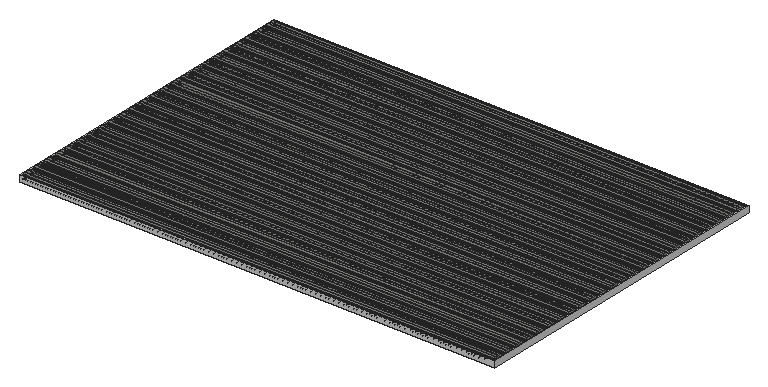
Revit family "Flooring_Entrance_Fuma_TopCleanTrend-Mit-Rips_DE", category Allgemeines Modell, Revit 2018
Family settings
  Kann Basisbauteil für Bewehrung sein = Nein
  Bemaßung runder Anschluss = Durchmesser verwenden
  Teiletyp = Normal
  Arbeitsebenenbasiert = Nein
  Immer vertikal = Ja
  Beim Laden mit Abzugskörper schneiden = Nein
  Gemeinsam genutzt = Nein
  Raumberechnungspunkt = Nein
Parameters (values of type "Teppichlänge 10 mm")
  Technische Daten = "https://www.fuma.com/produkte/eingangsmatten/aluprofilmatten/top-clean-trend"
  Rips = Polypropylen - Fuma - Rips
  Produktinformation = "Rips hat eine hohe Strapazierfähigkeit sowie Haltbarkeit und eignet sich für Eingänge mit einer normalen als auch starken Lauffrequentierung. Eingesetzt in Innen- und überdachten Eingangsbereichen stoppen Ripsprofile äußerst zuverlässig Schmutz und saugen Nässe auf. Farbvarianten in Grob- und Feinrips stehen zur Wahl. Schalldämmend, maßhaltig, aufrollbar und leicht zu reinigen. Anfertigung in jeder Breite und Tiefe. Sonderformen gegen Aufpreis."
  Product Avaibility = "weltweit"  # constant formula
  Modell-Nr = "12225"
  Maximale Belastung = "3.000 kg"
  Hersteller Land = "Deutschland"  # constant formula
  Minimale Teppichlänge = 300 mm  # constant formula
  Maximale Teppichlänge = 10000 mm  # constant formula
  Länge des Teppichs = 1200 mm
  Minimale Teppichbreite = 300 mm  # constant formula
  Maximale Teppichbreite = 10000 mm  # constant formula
  Edition number = 2
  Breite des Teppichs = 800 mm
  Grosse Denier = yes
  Rahmen Material = "Aluminium oder Edelstahl"
  Feine Leugner = no
  Beginn des Pinsels = Angepasste Wiederholung / 2  # 33.267 mm
  Farbe = "Ripsfarben: - 010 anthrazit - 020 hellgrau  - 030 beige-meliert - 040 blau-meliert - Sonderfarben auf Anfrage"
  Bürstenprofil = Polyamid - Fuma - Bürstenprofil
  Abstandseinstellung = (Breite des aktuellen Teppichs - (Anzahl der aktuellen Profile * Versuchswiederholung)) / Anzahl der aktuellen Profile * 0.8  # 0.533 mm
  Versuchswiederholung = 2 * (Profilbreite + Abstand zwischen den Profilen 4 6 oder 8mm)  # 66 mm
  URL = "https://www.fuma.com/"
  Telefon = " +49 7248 450 73 0\r\n"  # constant formula
  Type Comments = ""
  Tiefen Teppich = 2.8 mm
  Angepasste Wiederholung = Versuchswiederholung + Abstandseinstellung  # 66.533 mm
  Anzahl der aktuellen Profile = rounddown(Breite des aktuellen Teppichs / Versuchswiederholung)  # 12
  Modell = "TopCleanTrend® mit Rips"
  Hersteller = "fuma Hauszubehör GmbH"  # constant formula
  Aktuelle Länge = Aktuelle Teppichlänge - (Dicke des Rahmenprofils + 2 mm) * 2  # 1190 mm
  Aktuelle Teppichlänge = if(Länge des Teppichs < Minimale Teppichlänge, Minimale Teppichlänge, if(Länge des Teppichs > Maximale Teppichlänge, Maximale Teppichlänge, Länge des Teppichs))  # 1200 mm
  Profil = Aluminum - Fuma - Grun
  Breite des Rahmenprofils = (Profilbreite + Abstand zwischen den Profilen 4 6 oder 8mm) / 2  # 16.5 mm
  Profilbreite = 27 mm
  Aktuelle Breite = Anzahl der aktuellen Profile * Angepasste Wiederholung + 2 mm  # 800.4 mm
  Breite des aktuellen Teppichs = if(Breite des Teppichs < Minimale Teppichbreite, Minimale Teppichbreite, if(Breite des Teppichs > Maximale Teppichbreite, Maximale Teppichbreite, Breite des Teppichs))  # 800 mm
  Rahmenhöhe = 15 mm
  Dicke des Teppichs = 10 mm
  Dicke des Rahmenprofils = 3 mm  # constant formula
  E-mail = "info@fuma.com"  # constant formula
  Abstand zwischen den Profilen 4 6 oder 8mm = 6 mm
  Entfernungsprofil = 10.2 mm
  Description = ""
  Gummiprofil = Gummiprofil - Fuma
  Anschrift = "Reutäckerstraße 9, 76307 Karlsbad, DE"  # constant formula
Types (4, lengths in mm): name | Grosse Denier | Feine Leugner | Tiefen Teppich | Rahmenhöhe | Dicke des Teppichs | Entfernungsprofil
  Teppichlänge 10 mm | yes | no | 2.8 | 15 | 10 | 10.2
  Teppichlänge 27 mm | no | yes | 5 | 30 | 27 | 23
  Teppichlänge 22 mm | yes | no | 5 | 25 | 22 | 18
  Teppichlänge 17 mm | yes | no | 3 | 20 | 17 | 13.5
Reference planes
  plane 1 "Center (Front/Back)": y = 0
  plane 2: z = 0
  plane 3 "Center (Left/Right)": x = 0
  plane 4: y = 800
  plane 5: x = 1200
Forms (mm)
  Sweep 1, solid, material "Aluminum - Fuma - Grun" <- "Profil"
    path origin (0, 0, 0) x (1, 0, 0) y (0, 1, 0)
      loop
        line (0, 800) -> (0, 0) -> (1200, 0) -> (1200, 800) -> (0, 800)
    profile origin (600, 800, 0) x (0, 1, 0) y (0, 0, 1)
      loop
        line (0, -3) -> (0, 12) -> (-3, 12) -> (-3, 0) -> (-16.5, 0) -> (-16.5, -3) -> (0, -3)
Dimensions and locks
  equal spacing: group 1, group 2, group 3, group 4, group 9, group 10, group 11, group 12, group 13, group 14, group 15, group 16  (x3)
  "Aktuelle Teppichlänge": plane 5 to plane 3 "Center (Left/Right)"
  "Breite des aktuellen Teppichs": plane 4 to plane 1 "Center (Front/Back)"
  "Dicke des Rahmenprofils": Sweep 1 sketch curve to Sweep 1 sketch curve  (x2)
  "Rahmenhöhe": Sweep 1 sketch curve to Sweep 1 sketch curve
  "Breite des Rahmenprofils": Sweep 1 sketch curve to Sweep 1 sketch curve
  locked: plane 1 "Center (Front/Back)" to nested 1 at 4
  "Angepasste Wiederholung": nested 1 to nested 2
  equal spacing: group 5, group 6, group 7, group 8, group 17, group 18, group 19, group 20, group 21, group 22, group 23, group 24  (x3)
  "Angepasste Wiederholung": nested 6 to nested 5
  "Beginn des Pinsels": nested 5 to nested 1
  aligned and locked: Sweep 1 sketch curve to plane 5
  aligned and locked: plane 3 "Center (Left/Right)" to Sweep 1 sketch curve
  aligned and locked: Sweep 1 sketch curve to plane 4
  aligned and locked: Sweep 1 sketch curve to plane 1 "Center (Front/Back)"
Automatic sketch dimensions
  Sweep 1 sketch curve to level = 0 mm
  Sweep 1 sketch curve to profile plane = 0 mm
Nested families
  nested 1: "Ribbed Carpet" at (4, 17.472, 0), type "Ribbed Carpet"
  nested 2: "Ribbed Carpet" at (4, 84.005, 0), type "Ribbed Carpet"
  nested 3: "Ribbed Carpet" at (4, 150.539, 0), type "Ribbed Carpet"
  nested 4: "Ribbed Carpet" at (4, 217.072, 0), type "Ribbed Carpet"
  nested 5: "Ribbed Carpet" at (4, 50.739, 0), type "Ribbed Carpet"
  nested 6: "Ribbed Carpet" at (4, 117.272, 0), type "Ribbed Carpet"
  nested 7: "Ribbed Carpet" at (4, 183.805, 0), type "Ribbed Carpet"
  nested 8: "Ribbed Carpet" at (4, 250.339, 0), type "Ribbed Carpet"
  nested 9: "Ribbed Carpet" at (4, 283.605, 0), type "Ribbed Carpet"
  nested 10: "Ribbed Carpet" at (4, 350.139, 0), type "Ribbed Carpet"
  nested 11: "Ribbed Carpet" at (4, 416.672, 0), type "Ribbed Carpet"
  nested 12: "Ribbed Carpet" at (4, 483.205, 0), type "Ribbed Carpet"
  nested 13: "Ribbed Carpet" at (4, 549.739, 0), type "Ribbed Carpet"
  nested 14: "Ribbed Carpet" at (4, 616.272, 0), type "Ribbed Carpet"
  nested 15: "Ribbed Carpet" at (4, 682.805, 0), type "Ribbed Carpet"
  nested 16: "Ribbed Carpet" at (4, 749.339, 0), type "Ribbed Carpet"
  nested 17: "Ribbed Carpet" at (4, 316.872, 0), type "Ribbed Carpet"
  nested 18: "Ribbed Carpet" at (4, 383.405, 0), type "Ribbed Carpet"
  nested 19: "Ribbed Carpet" at (4, 449.939, 0), type "Ribbed Carpet"
  nested 20: "Ribbed Carpet" at (4, 516.472, 0), type "Ribbed Carpet"
  nested 21: "Ribbed Carpet" at (4, 583.005, 0), type "Ribbed Carpet"
  nested 22: "Ribbed Carpet" at (4, 649.539, 0), type "Ribbed Carpet"
  nested 23: "Ribbed Carpet" at (4, 716.072, 0), type "Ribbed Carpet"
  nested 24: "Ribbed Carpet" at (4, 782.605, 0), type "Ribbed Carpet"
Definition of nested family "Ribbed Carpet"
  Parameters (values of type "Top Clean Profile")
    Trend 42 = Hauteur = 42 mm  # no
    Trend 27 = Hauteur = 27 mm  # no
    Trend 22 = Hauteur = 22 mm  # no
    Trend 17 = Hauteur = 17 mm  # no
    Trend 13 = Hauteur = 13 mm  # no
    Trend 10 = Hauteur = 10 mm  # yes
    URL = "https://www.geggus.fr/"
    Profondeur Tapis = 2.8 mm
    Model = "Top Clean TREND®"
    Manufacturer = "Geggus"
    Longueur = 1190 mm
    Profile = none
    Hauteur = 10 mm
    Gros deniers = yes
    Fins deniers = no
    Distance profil = 10.2 mm
    Caoutchouc = none
    Brosse = none
  Reference planes
    plane 1 "Center (Front/Back)": y = 0
    plane 2: z = 0
    plane 3 "Center (Left/Right)": x = 0
    plane 4: z = 10.2
    plane 5: z = 7.4
    plane 6: z = 7.4
    plane 7: z = 10.2
  Forms (mm)
    Extrusion 1, solid, material <- "Profile", visible <- "Trend 17"
      sketch origin (0, 0, 0) x (0, 1, 0) y (0, 0, 1)
        loop
          line (12.528, 9.5) -> (-12.472, 9.5) -> (-12.472, 6.7) -> (12.528, 6.7) -> (12.528, 9.5)
        loop
          line (12.028, 10.5) -> (-11.972, 10.5) -> (-11.972, 13.5) -> (-10.982, 13.5) -> (-10.982, 14.5) -> (-13.472, 14.5) -> (-13.472, 2) -> (-11.175, 2) -> (-11.175, 3) -> (-12.472, 3) -> (-12.472, 5.5) -> (-7.372, 5.5) -> (-7.372, 3) -> (-8.681, 3) -> (-8.681, 2) -> (-6.372, 2) -> (-6.372, 5.5) -> (6.428, 5.5) -> (6.428, 2) -> (8.737, 2) -> (8.737, 3) -> (7.428, 3) -> (7.428, 5.5) -> (12.528, 5.5) -> (12.528, 3) -> (11.231, 3) -> (11.231, 2) -> (13.528, 2) -> (13.528, 14.5) -> (11.038, 14.5) -> (11.038, 13.5) -> (12.028, 13.5) -> (12.028, 10.5)
      from 0 to 1190 <- "Longueur"
    Extrusion 2, solid, material <- "Caoutchouc"
      sketch origin (0, -9.881, 7.713) x (0, -1, 0) y (0, 0, -1)
        loop
          line (1.319, 5.713) -> (2.983, 5.713)
          arc (2.983, 5.713) -> (3.327, 5.932) -> (3.274, 6.337) r 0.38
          line (3.274, 6.337) -> (2.119, 7.713) -> (-1.881, 7.713) -> (-3.035, 6.337)
          arc (-3.035, 6.337) -> (-3.088, 5.932) -> (-2.744, 5.713) r 0.38
          line (-2.744, 5.713) -> (-1.081, 5.713) -> (-1.081, 4.76) -> (-1.866, 4.377)
          arc (-1.866, 4.377) -> (-2.114, 3.98) -> (-1.866, 3.583) r 0.442
          line (-1.866, 3.583) -> (-0.765, 3.046)
          arc (-0.765, 3.046) -> (0.119, 2.842) -> (1.004, 3.046) r 2.019
          line (1.004, 3.046) -> (2.105, 3.583)
          arc (2.105, 3.583) -> (2.353, 3.98) -> (2.105, 4.377) r 0.442
          line (2.105, 4.377) -> (1.319, 4.76) -> (1.319, 5.713)
        loop
          line (-21.081, 5.713) -> (-21.081, 4.76) -> (-21.866, 4.377)
          arc (-21.866, 4.377) -> (-22.114, 3.98) -> (-21.866, 3.583) r 0.442
          line (-21.866, 3.583) -> (-20.765, 3.046)
          arc (-20.765, 3.046) -> (-19.881, 2.842) -> (-18.996, 3.046) r 2.019
          line (-18.996, 3.046) -> (-17.895, 3.583)
          arc (-17.895, 3.583) -> (-17.647, 3.98) -> (-17.895, 4.377) r 0.442
          line (-17.895, 4.377) -> (-18.681, 4.76) -> (-18.681, 5.713) -> (-17.017, 5.713)
          arc (-17.017, 5.713) -> (-16.673, 5.932) -> (-16.726, 6.337) r 0.38
          line (-16.726, 6.337) -> (-17.881, 7.713) -> (-21.881, 7.713) -> (-23.035, 6.337)
          arc (-23.035, 6.337) -> (-23.088, 5.932) -> (-22.744, 5.713) r 0.38
          line (-22.744, 5.713) -> (-21.081, 5.713)
      from 0 to 1190 <- "Longueur"
    Extrusion 3, solid, material <- "Brosse", visible <- "Gros deniers"
      sketch origin (0, 0.264, 37.152) x (0, 1, 0) y (0, 0, 1)
        loop
          arc (11.75, -27.533) -> (11.58, -27.122) -> (11.169, -26.952) r 0.581
          line (11.169, -26.952) -> (9.75, -26.952) -> (9.992, -26.206)
          arc (9.992, -26.206) -> (7.6, -22.913) -> (5.208, -26.206) r 2.516
          line (5.208, -26.206) -> (5.45, -26.952) -> (1.89, -26.952) -> (2.132, -26.206)
          arc (2.132, -26.206) -> (-0.26, -22.913) -> (-2.652, -26.206) r 2.516
          line (-2.652, -26.206) -> (-2.41, -26.952) -> (-5.95, -26.952) -> (-5.708, -26.206)
          arc (-5.708, -26.206) -> (-8.1, -22.913) -> (-10.492, -26.206) r 2.516
          line (-10.492, -26.206) -> (-10.25, -26.952) -> (-11.607, -26.952)
          arc (-11.607, -26.952) -> (-12.062, -27.14) -> (-12.25, -27.595) r 0.643
          line (-12.25, -27.595) -> (-12.25, -29.149)
          arc (-12.25, -29.149) -> (-12.073, -29.576) -> (-11.647, -29.752) r 0.603
          line (-11.647, -29.752) -> (11.12, -29.752)
          arc (11.12, -29.752) -> (11.566, -29.568) -> (11.75, -29.122) r 0.63
          line (11.75, -29.122) -> (11.75, -27.533)
      from 0 to 1190 <- "Longueur"
    Extrusion 4, solid, material <- "Brosse", visible <- "Fins deniers"
      sketch origin (0, 0.014, 25.086) x (0, 1, 0) y (0, 0, 1)
        loop
          line (11.75, -14.886) -> (10.022, -14.886) -> (10.288, -13.376)
          arc (10.288, -13.376) -> (8.35, -10.881) -> (6.412, -13.376) r 2
          line (6.412, -13.376) -> (6.678, -14.886) -> (4.472, -14.886) -> (4.738, -13.376)
          arc (4.738, -13.376) -> (2.8, -10.881) -> (0.862, -13.376) r 2
          line (0.862, -13.376) -> (1.128, -14.886) -> (-1.128, -14.886) -> (-0.862, -13.376)
          arc (-0.862, -13.376) -> (-2.8, -10.881) -> (-4.738, -13.376) r 2
          line (-4.738, -13.376) -> (-4.472, -14.886) -> (-6.678, -14.886) -> (-6.412, -13.376)
          arc (-6.412, -13.376) -> (-8.35, -10.881) -> (-10.288, -13.376) r 2
          line (-10.288, -13.376) -> (-10.022, -14.886) -> (-11.75, -14.886) -> (-11.75, -17.686) -> (11.75, -17.686) -> (11.75, -14.886)
      from 0 to 1190 <- "Longueur"
    Extrusion 5, solid, material <- "Profile", visible <- "Trend 22"
      sketch origin (0, 0.25, 15.623) x (0, 1, 0) y (0, 0, 1)
        loop
          line (8.549, -13.623) -> (8.549, -12.67) -> (7.498, -12.67) -> (7.498, -9.628) -> (12.25, -9.628) -> (12.25, -12.67) -> (10.95, -12.67) -> (10.95, -13.623) -> (12.563, -13.623)
          arc (12.563, -13.623) -> (13.049, -13.422) -> (13.25, -12.937) r 0.687
          line (13.25, -12.937) -> (13.25, 3.375) -> (13, 2.442) -> (12.75, 3.375) -> (12.508, 2.472) -> (12.249, 3.374) -> (12, 2.504) -> (11.75, 3.375)
          arc (11.75, 3.375) -> (11.003, 2.872) -> (11.75, 2.37) r 0.542
          line (11.75, 2.37) -> (11.75, -2.619) -> (-12.25, -2.619) -> (-12.25, 2.37)
          arc (-12.25, 2.37) -> (-11.503, 2.872) -> (-12.25, 3.375) r 0.542
          line (-12.25, 3.375) -> (-12.5, 2.504) -> (-12.749, 3.374) -> (-13.008, 2.472) -> (-13.25, 3.375) -> (-13.5, 2.442) -> (-13.75, 3.375) -> (-13.75, -12.937)
          arc (-13.75, -12.937) -> (-13.549, -13.422) -> (-13.063, -13.623) r 0.687
          line (-13.063, -13.623) -> (-11.45, -13.623) -> (-11.45, -12.67) -> (-12.75, -12.67) -> (-12.75, -9.628) -> (-7.998, -9.628) -> (-7.998, -12.67) -> (-9.049, -12.67) -> (-9.049, -13.623) -> (-6.75, -13.623) -> (-6.75, -9.628) -> (6.25, -9.628) -> (6.25, -13.623) -> (8.549, -13.623)
        loop
          arc (11.684, -8.63) -> (12.084, -8.464) -> (12.25, -8.063) r 0.566
          line (12.25, -8.063) -> (12.25, -4.232)
          arc (12.25, -4.232) -> (12.074, -3.807) -> (11.65, -3.632) r 0.6
          line (11.65, -3.632) -> (-12.19, -3.632)
          arc (-12.19, -3.632) -> (-12.586, -3.796) -> (-12.75, -4.191) r 0.56
          line (-12.75, -4.191) -> (-12.75, -8.023)
          arc (-12.75, -8.023) -> (-12.572, -8.452) -> (-12.144, -8.63) r 0.606
          line (-12.144, -8.63) -> (11.684, -8.63)
      from 0 to 1190 <- "Longueur"
    Extrusion 6, solid, material <- "Profile", visible <- "Trend 27"
      sketch origin (0, -0.028, 0) x (0, 1, 0) y (0, 0, 1)
        loop
          line (11.028, 16.864) -> (-10.972, 16.864)
          arc (-10.972, 16.864) -> (-11.679, 16.571) -> (-11.972, 15.864) r 1
          line (-11.972, 15.864) -> (-11.972, 8.201)
          arc (-11.972, 8.201) -> (-11.679, 7.494) -> (-10.972, 7.201) r 1
          line (-10.972, 7.201) -> (11.028, 7.201)
          arc (11.028, 7.201) -> (11.735, 7.494) -> (12.028, 8.201) r 1
          line (12.028, 8.201) -> (12.028, 15.864)
          arc (12.028, 15.864) -> (11.735, 16.571) -> (11.028, 16.864) r 1
        loop
          line (12.028, 18.021) -> (-11.972, 18.021) -> (-11.972, 23.003) -> (-10.982, 23.003) -> (-10.982, 24.003) -> (-13.472, 24.003) -> (-13.472, 2) -> (-11.175, 2) -> (-11.175, 3) -> (-12.472, 3) -> (-12.472, 5.966) -> (-7.372, 5.966) -> (-7.372, 3) -> (-8.681, 3) -> (-8.681, 2) -> (-6.372, 2) -> (-6.372, 5.966) -> (6.428, 5.966) -> (6.428, 2) -> (8.737, 2) -> (8.737, 3) -> (7.428, 3) -> (7.428, 5.966) -> (12.528, 5.966) -> (12.528, 3) -> (11.231, 3) -> (11.231, 2) -> (13.528, 2) -> (13.528, 24.003) -> (11.038, 24.003) -> (11.038, 23.003) -> (12.028, 23.003) -> (12.028, 18.021)
      from 0 to 1190 <- "Longueur"
    Extrusion 7, solid, material <- "Profile", visible <- "Trend 10"
      sketch origin (0, 0, 8.025) x (0, 1, 0) y (0, 0, 1)
        loop
          line (8.804, -6.025) -> (8.804, -5.072) -> (7.498, -5.072) -> (7.498, -2.031) -> (12.498, -2.031) -> (12.498, -5.072) -> (11.204, -5.072) -> (11.204, -6.025) -> (12.626, -6.025)
          arc (12.626, -6.025) -> (13.263, -5.761) -> (13.527, -5.124) r 0.902
          line (13.527, -5.124) -> (13.527, 2.339)
          arc (13.527, 2.339) -> (13.624, 2.92) -> (13.25, 3.375) r 0.711
          line (13.25, 3.375) -> (13, 2.442) -> (12.75, 3.375) -> (12.508, 2.472) -> (12.249, 3.374) -> (12, 2.504) -> (11.75, 3.375)
          arc (11.75, 3.375) -> (11.003, 2.872) -> (11.75, 2.37) r 0.542
          line (11.75, 2.37) -> (11.75, -0.638) -> (-11.75, -0.638) -> (-11.75, 2.37)
          arc (-11.75, 2.37) -> (-11.003, 2.872) -> (-11.75, 3.375) r 0.542
          line (-11.75, 3.375) -> (-12, 2.504) -> (-12.249, 3.374) -> (-12.508, 2.472) -> (-12.75, 3.375) -> (-13, 2.442) -> (-13.25, 3.375)
          arc (-13.25, 3.375) -> (-13.624, 2.92) -> (-13.527, 2.339) r 0.711
          line (-13.527, 2.339) -> (-13.527, -5.124)
          arc (-13.527, -5.124) -> (-13.263, -5.761) -> (-12.626, -6.025) r 0.902
          line (-12.626, -6.025) -> (-11.204, -6.025) -> (-11.204, -5.072) -> (-12.498, -5.072) -> (-12.498, -2.031) -> (-7.498, -2.031) -> (-7.498, -5.072) -> (-8.804, -5.072) -> (-8.804, -6.025) -> (8.804, -6.025)
        loop
          line (-5.764, -5.072) -> (5.764, -5.072)
          arc (5.764, -5.072) -> (6.289, -4.855) -> (6.506, -4.329) r 0.743
          line (6.506, -4.329) -> (6.506, -2.723)
          arc (6.506, -2.723) -> (6.303, -2.233) -> (5.814, -2.031) r 0.692
          line (5.814, -2.031) -> (-5.814, -2.031)
          arc (-5.814, -2.031) -> (-6.303, -2.233) -> (-6.506, -2.723) r 0.692
          line (-6.506, -2.723) -> (-6.506, -4.329)
          arc (-6.506, -4.329) -> (-6.289, -4.855) -> (-5.764, -5.072) r 0.743
      from 0 to 1190 <- "Longueur"
  Dimensions and locks
    "Profondeur Tapis": plane 5 to plane 4
    "Distance profil": level to plane 4
    "Profondeur Tapis": plane 6 to plane 7
    "Distance profil": plane 7 to level
    aligned and locked: plane 4 to Extrusion 4 sketch curve
    aligned and locked: Extrusion 4 sketch curve to Extrusion 4 sketch curve  (x4)
    aligned and locked: plane 6 to Extrusion 3 sketch curve
    aligned and locked: plane 7 to Extrusion 3 sketch curve
    aligned and locked: Extrusion 3 sketch curve to Extrusion 3 sketch curve  (x3)
  Automatic sketch dimensions
    plane 1 "Center (Front/Back)" to Extrusion 1 sketch curve = 13.472 mm
    Extrusion 1 sketch curve to Extrusion 1 sketch curve = 1 mm  (x12)
    Extrusion 1 sketch curve to Extrusion 1 sketch curve = 0.5 mm  (x2)
    Extrusion 1 sketch curve to Extrusion 1 sketch curve = 1.297 mm
    Extrusion 1 sketch curve to Extrusion 1 sketch curve = 0.99 mm  (x2)
    Extrusion 1 sketch curve to Extrusion 1 sketch curve = 2.495 mm  (x2)
    Extrusion 1 sketch curve to Extrusion 1 sketch curve = 1.309 mm  (x2)
    level to Extrusion 1 sketch curve = 2 mm  (x4)
    Extrusion 1 sketch curve to plane 1 "Center (Front/Back)" = 6.428 mm
    Extrusion 1 sketch curve to Extrusion 1 sketch curve = 3.61 mm
    Extrusion 1 sketch curve to Extrusion 1 sketch curve = 0 mm  (x3)
    Extrusion 1 sketch curve to Extrusion 1 sketch curve = 2.5 mm
    Extrusion 1 sketch curve to Extrusion 1 sketch curve = 1.2 mm
    Extrusion 1 sketch curve to Extrusion 1 sketch curve = 2.8 mm
    Extrusion 1 sketch curve to Extrusion 1 sketch curve = 3 mm  (x2)
    Extrusion 2 sketch curve to level = 0 mm  (x2)
    level to Extrusion 2 sketch curve = 1.376 mm  (x4)
    Extrusion 2 sketch curve to plane 1 "Center (Front/Back)" = 13.155 mm
    Extrusion 2 sketch curve to Extrusion 2 sketch curve = 0.291 mm  (x4)
    Extrusion 2 sketch curve to Extrusion 2 sketch curve = 1.155 mm  (x2)
    level to Extrusion 2 sketch curve = 4.13 mm  (x3)
    Extrusion 2 sketch curve to Extrusion 2 sketch curve = 0.878 mm  (x3)
    Extrusion 2 sketch curve to Extrusion 2 sketch curve = 0.194 mm  (x7)
    Extrusion 2 sketch curve to Extrusion 2 sketch curve = 0.592 mm  (x3)
    level to Extrusion 2 sketch curve = 4.667 mm  (x3)
    Extrusion 2 sketch curve to Extrusion 2 sketch curve = 1.1 mm  (x2)
    Extrusion 2 sketch curve to Extrusion 2 sketch curve = 1.2 mm  (x4)
    level to Extrusion 2 sketch curve = 2.953 mm  (x2)
    level to Extrusion 2 sketch curve = 3.336 mm  (x4)
    Extrusion 2 sketch curve to Extrusion 2 sketch curve = 0.8 mm  (x2)
    plane 1 "Center (Front/Back)" to Extrusion 2 sketch curve = 6.845 mm
    Extrusion 2 sketch curve to Extrusion 2 sketch curve = 0 mm
    Extrusion 2 sketch curve to Extrusion 2 sketch curve = 0.785 mm
    Extrusion 2 sketch curve to Extrusion 2 sketch curve = 1.77 mm
    Extrusion 2 sketch curve to Extrusion 2 sketch curve = 1.664 mm
    Extrusion 2 sketch curve to Extrusion 2 sketch curve = 0.794 mm
    Extrusion 2 sketch curve to Extrusion 2 sketch curve = 0.397 mm  (x2)
    Extrusion 2 sketch curve to Extrusion 2 sketch curve = 0.78 mm  (x2)
    Extrusion 2 sketch curve to Extrusion 2 sketch curve = 0.101 mm  (x2)
    Extrusion 2 sketch curve to Extrusion 2 sketch curve = 0.953 mm  (x3)
    Extrusion 2 sketch curve to Extrusion 2 sketch curve = 0.624 mm
    plane 1 "Center (Front/Back)" to Extrusion 5 sketch curve = 13.5 mm
    Extrusion 5 sketch curve to Extrusion 5 sketch curve = 0.25 mm  (x2)
    Extrusion 5 sketch curve to Extrusion 5 sketch curve = 0.5 mm  (x3)
    Extrusion 5 sketch curve to Extrusion 5 sketch curve = 0.687 mm
    Extrusion 5 sketch curve to Extrusion 5 sketch curve = 0.492 mm  (x2)
    Extrusion 5 sketch curve to Extrusion 5 sketch curve = 0.258 mm
    Extrusion 5 sketch curve to Extrusion 5 sketch curve = 0.313 mm  (x2)
    Extrusion 5 sketch curve to Extrusion 5 sketch curve = 0.501 mm  (x2)
    Extrusion 5 sketch curve to Extrusion 5 sketch curve = 0.508 mm  (x2)
    Extrusion 5 sketch curve to Extrusion 5 sketch curve = 0.499 mm  (x2)
    Extrusion 5 sketch curve to Extrusion 5 sketch curve = 0.56 mm
    Extrusion 5 sketch curve to Extrusion 5 sketch curve = 0.606 mm
    Extrusion 5 sketch curve to Extrusion 5 sketch curve = 0.205 mm  (x2)
    Extrusion 5 sketch curve to Extrusion 5 sketch curve = 1.3 mm  (x2)
    Extrusion 5 sketch curve to Extrusion 5 sketch curve = 2.401 mm  (x2)
    Extrusion 5 sketch curve to Extrusion 5 sketch curve = 1.051 mm  (x2)
    Extrusion 5 sketch curve to Extrusion 5 sketch curve = 1.248 mm  (x2)
    Extrusion 5 sketch curve to plane 1 "Center (Front/Back)" = 6.5 mm
    Extrusion 5 sketch curve to plane 1 "Center (Front/Back)" = 11.795 mm
    Extrusion 5 sketch curve to Extrusion 5 sketch curve = 0.105 mm
    Extrusion 5 sketch curve to Extrusion 5 sketch curve = 0.034 mm
    Extrusion 5 sketch curve to Extrusion 5 sketch curve = 0.1 mm
    Extrusion 5 sketch curve to Extrusion 5 sketch curve = 0.6 mm
    level to Extrusion 5 sketch curve = 2 mm
    Extrusion 5 sketch curve to Extrusion 5 sketch curve = 0 mm  (x6)
    Extrusion 5 sketch curve to Extrusion 5 sketch curve = 0.953 mm  (x3)
    Extrusion 5 sketch curve to Extrusion 5 sketch curve = 0.267 mm
    Extrusion 5 sketch curve to Extrusion 5 sketch curve = 3.042 mm  (x2)
    Extrusion 5 sketch curve to Extrusion 5 sketch curve = 0.999 mm
    Extrusion 5 sketch curve to Extrusion 5 sketch curve = 3.832 mm
    Extrusion 5 sketch curve to Extrusion 5 sketch curve = 1.013 mm
    Extrusion 5 sketch curve to Extrusion 5 sketch curve = 4.989 mm  (x2)
    Extrusion 5 sketch curve to Extrusion 5 sketch curve = 0.071 mm  (x2)
    Extrusion 5 sketch curve to Extrusion 5 sketch curve = 0.03 mm  (x2)
    Extrusion 5 sketch curve to Extrusion 5 sketch curve = 0.133 mm  (x2)
    Extrusion 5 sketch curve to Extrusion 5 sketch curve = 0.502 mm  (x2)
    Extrusion 5 sketch curve to Extrusion 5 sketch curve = 0.001 mm  (x3)
    Extrusion 5 sketch curve to Extrusion 5 sketch curve = 0.933 mm
    plane 1 "Center (Front/Back)" to Extrusion 6 sketch curve = 13.5 mm
    Extrusion 6 sketch curve to Extrusion 6 sketch curve = 1 mm  (x13)
    Extrusion 6 sketch curve to Extrusion 6 sketch curve = 0.5 mm
    Extrusion 6 sketch curve to Extrusion 6 sketch curve = 0 mm  (x7)
    Extrusion 6 sketch curve to Extrusion 6 sketch curve = 1.297 mm
    Extrusion 6 sketch curve to Extrusion 6 sketch curve = 0.99 mm  (x2)
    Extrusion 6 sketch curve to Extrusion 6 sketch curve = 2.495 mm  (x2)
    Extrusion 6 sketch curve to Extrusion 6 sketch curve = 1.309 mm  (x2)
    Extrusion 6 sketch curve to Extrusion 6 sketch curve = 12.8 mm
    Extrusion 6 sketch curve to Extrusion 6 sketch curve = 3.6 mm
    Extrusion 6 sketch curve to Extrusion 6 sketch curve = 0.01 mm
    Extrusion 6 sketch curve to Extrusion 6 sketch curve = 1.5 mm
    level to Extrusion 6 sketch curve = 2 mm
    Extrusion 6 sketch curve to Extrusion 6 sketch curve = 2.966 mm
    Extrusion 6 sketch curve to Extrusion 6 sketch curve = 1.236 mm
    Extrusion 6 sketch curve to Extrusion 6 sketch curve = 7.663 mm
    Extrusion 6 sketch curve to Extrusion 6 sketch curve = 1.157 mm
    Extrusion 6 sketch curve to Extrusion 6 sketch curve = 4.982 mm  (x2)
    level to Extrusion 7 sketch curve = 2.902 mm
    plane 1 "Center (Front/Back)" to Extrusion 7 sketch curve = 13.527 mm
    Extrusion 7 sketch curve to Extrusion 7 sketch curve = 0.277 mm
    Extrusion 7 sketch curve to Extrusion 7 sketch curve = 0.527 mm
    Extrusion 7 sketch curve to Extrusion 7 sketch curve = 0.062 mm  (x2)
    Extrusion 7 sketch curve to Extrusion 7 sketch curve = 0.5 mm  (x2)
    Extrusion 7 sketch curve to Extrusion 7 sketch curve = 0.902 mm  (x2)
    Extrusion 7 sketch curve to Extrusion 7 sketch curve = 0.492 mm
    Extrusion 7 sketch curve to Extrusion 7 sketch curve = 0.128 mm  (x2)
    Extrusion 7 sketch curve to Extrusion 7 sketch curve = 0.501 mm  (x2)
    Extrusion 7 sketch curve to Extrusion 7 sketch curve = 0.508 mm  (x2)
    Extrusion 7 sketch curve to Extrusion 7 sketch curve = 0.748 mm
    Extrusion 7 sketch curve to Extrusion 7 sketch curve = 0.499 mm  (x2)
    Extrusion 7 sketch curve to Extrusion 7 sketch curve = 0.205 mm  (x3)
    Extrusion 7 sketch curve to Extrusion 7 sketch curve = 1.422 mm
    Extrusion 7 sketch curve to Extrusion 7 sketch curve = 2.4 mm  (x2)
    Extrusion 7 sketch curve to Extrusion 7 sketch curve = 1.306 mm  (x2)
    Extrusion 7 sketch curve to Extrusion 7 sketch curve = 0.992 mm  (x2)
    Extrusion 7 sketch curve to Extrusion 7 sketch curve = 0.692 mm  (x2)
    Extrusion 7 sketch curve to Extrusion 7 sketch curve = 0.743 mm  (x3)
    Extrusion 7 sketch curve to plane 1 "Center (Front/Back)" = 5.764 mm
    Extrusion 7 sketch curve to Extrusion 7 sketch curve = 0.05 mm
    Extrusion 7 sketch curve to Extrusion 7 sketch curve = 4.047 mm
    Extrusion 7 sketch curve to Extrusion 7 sketch curve = 0.25 mm
    Extrusion 7 sketch curve to Extrusion 7 sketch curve = 1.294 mm
    Extrusion 7 sketch curve to Extrusion 7 sketch curve = 0.43 mm
    level to Extrusion 7 sketch curve = 2 mm  (x2)
    Extrusion 7 sketch curve to Extrusion 7 sketch curve = 0.953 mm  (x3)
    level to Extrusion 7 sketch curve = 2.953 mm
    Extrusion 7 sketch curve to Extrusion 7 sketch curve = 1.606 mm
    Extrusion 7 sketch curve to Extrusion 7 sketch curve = 3.042 mm
    Extrusion 7 sketch curve to Extrusion 7 sketch curve = 1.393 mm
    Extrusion 7 sketch curve to Extrusion 7 sketch curve = 2.977 mm  (x2)
    Extrusion 7 sketch curve to Extrusion 7 sketch curve = 0.031 mm  (x2)
    Extrusion 7 sketch curve to Extrusion 7 sketch curve = 0.102 mm  (x2)
    Extrusion 7 sketch curve to Extrusion 7 sketch curve = 0.03 mm  (x2)
    Extrusion 7 sketch curve to Extrusion 7 sketch curve = 0.133 mm  (x2)
    Extrusion 7 sketch curve to Extrusion 7 sketch curve = 0.295 mm  (x2)
    Extrusion 7 sketch curve to Extrusion 7 sketch curve = 0.502 mm  (x2)
    Extrusion 7 sketch curve to Extrusion 7 sketch curve = 0.001 mm  (x2)
    Extrusion 7 sketch curve to Extrusion 7 sketch curve = 0 mm  (x2)
    plane 7 to Extrusion 3 sketch curve = 0.643 mm
    plane 1 "Center (Front/Back)" to Extrusion 3 sketch curve = 11.986 mm
    Extrusion 3 sketch curve to Extrusion 3 sketch curve = 0.603 mm
    Extrusion 3 sketch curve to plane 7 = 0.746 mm  (x6)
    Extrusion 3 sketch curve to Extrusion 3 sketch curve = 1.115 mm
    Extrusion 3 sketch curve to Extrusion 3 sketch curve = 0.242 mm  (x3)
    Extrusion 3 sketch curve to Extrusion 3 sketch curve = 2.392 mm  (x2)
    Extrusion 3 sketch curve to Extrusion 3 sketch curve = 2.15 mm  (x2)
    plane 1 "Center (Front/Back)" to Extrusion 3 sketch curve = 2.389 mm
    Extrusion 3 sketch curve to plane 1 "Center (Front/Back)" = 0.003 mm
    Extrusion 3 sketch curve to plane 1 "Center (Front/Back)" = 2.153 mm
    Extrusion 3 sketch curve to Extrusion 3 sketch curve = 3.075 mm
    Extrusion 3 sketch curve to Extrusion 3 sketch curve = 1.37 mm
    plane 7 to Extrusion 3 sketch curve = 0.581 mm
    Extrusion 3 sketch curve to Extrusion 3 sketch curve = 1.419 mm
    Extrusion 3 sketch curve to plane 7 = 1.524 mm  (x3)
    Extrusion 4 sketch curve to plane 5 = 0 mm
    plane 1 "Center (Front/Back)" to Extrusion 4 sketch curve = 11.736 mm
    Extrusion 4 sketch curve to plane 4 = 1.509 mm  (x6)
    Extrusion 4 sketch curve to Extrusion 4 sketch curve = 1.462 mm
    Extrusion 4 sketch curve to Extrusion 4 sketch curve = 0.266 mm  (x4)
    Extrusion 4 sketch curve to Extrusion 4 sketch curve = 1.938 mm  (x4)
    Extrusion 4 sketch curve to Extrusion 4 sketch curve = 1.672 mm  (x3)
    Extrusion 4 sketch curve to Extrusion 4 sketch curve = 1.674 mm  (x2)
    plane 1 "Center (Front/Back)" to Extrusion 4 sketch curve = 1.115 mm
    plane 1 "Center (Front/Back)" to Extrusion 4 sketch curve = 0.849 mm
    Extrusion 4 sketch curve to plane 1 "Center (Front/Back)" = 0.876 mm
    Extrusion 4 sketch curve to plane 1 "Center (Front/Back)" = 1.142 mm
    Extrusion 4 sketch curve to Extrusion 4 sketch curve = 1.728 mm
    Extrusion 4 sketch curve to Extrusion 4 sketch curve = 0.495 mm  (x4)
